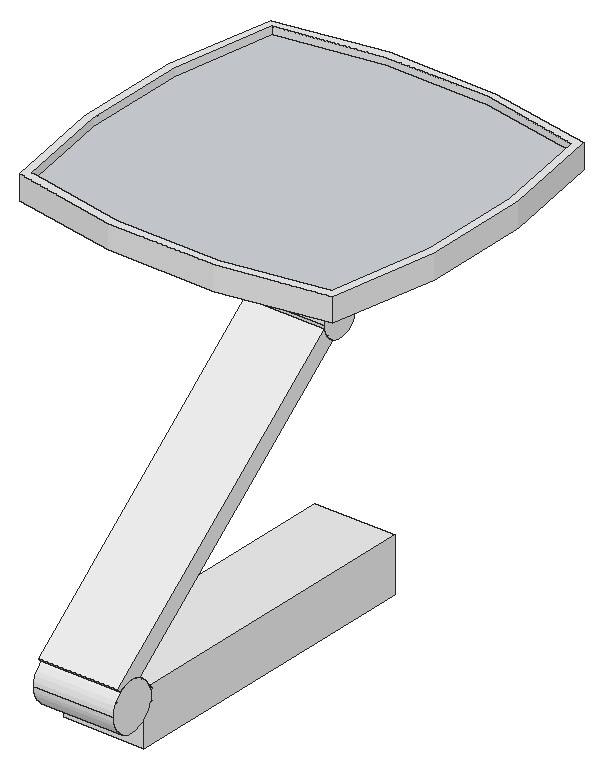
Revit family "KEUCO_17612019004", category Allgemeines Modell, Revit 2016
Family settings
  Teiletyp = Normal
  Kann Basisbauteil für Bewehrung sein = Nein
  Bemaßung runder Anschluss = Durchmesser verwenden
  Arbeitsebenenbasiert = Ja
  Immer vertikal = Nein
  Beim Laden mit Abzugskörper schneiden = Nein
  Gemeinsam genutzt = Nein
  Raumberechnungspunkt = Nein
Parameters (values of type "17613019004")
  Verwendung = "GWC / WP"  # constant formula
  URL = "https://www.keuco.com/de/produkte/sortiment/artikel/?pid=17649&oid=1&pgo=1&country=de&lang=de&vid=17649170000"
  Rundspiegel = not(Rechtspiegel)  # no
  Rechtspiegel = yes
  Preisgruppe = ""
  Material Spiegel = Spiegel
  Default Elevation = 1219.2 mm
  Serie = "Plan"  # constant formula
  Material Rahmen = Verchromt
  Materialien bei Hersteller anfragen = "Anfrage zu:  objektmanagement@keuco.de"
  Kategorie = "ACC"  # constant formula
  Hersteller = "KEUCO"  # constant formula
  Gewicht = 1300
  Beschreibung = "beleuchtet, 1 Lichtfarbe 6500 Kelvin (Tageslicht),\r\nBedienung über Wippschalter,\r\nan dreidimensional verstellbarem Schwenkarm,\r\nSpiegel einseitig, Vergrößerungsfaktor x 5\r\n\r\nBedienung:\r\nmit integriertem Wippschalter\r\n\r\nStromversorgung:\r\n12 V Netzteil im Wandarm integriert,\r\nEingangsbereich 220 - 240 V\r\n\r\nBeleuchtung:\r\nLED 7 Watt (Lebensdauer > 50.000 Stunden)\r\nLeuchtmittel nicht austauschbar\r\nEEK: A, 8 kWh/1000h"
  Assembly Code = ""
  Ausschreibungstext = "KEUCO iLook_move Kosmetikspiegel, 17613019004\r\nhochwertiger Kosmetikspiegel, hochglanzverchromt, beleuchtet,\r\nquadratisch, mit elegant gewölbten Kanten, \r\nan Schwenkarm aus einem stabilen, \r\nrechteckigen Metallprofil mit verdeckten Hochleistungsscharnieren,\r\nflächige Wandmontage mit 4 Befestigungspunkten \r\nzur optimalen Lastverteilung,\r\ndreidimensional verstellbar, Spiegel einseitig konkav, \r\nVergrößerungsfaktor x 5,\r\n12V Netzteil und Wipp-Schalter im Wandteil integriert \r\nEingangsbereich 220-240V,\r\nVerkabelung im Schwenkarm integriert,\r\nBeleuchtung: 7 Watt LED (wartungsfrei), \r\nVerbrauch im Standby: 0 Watt,\r\n1 Lichtfarbe: 6500 Kelvin (Tageslicht),\r\nHöhe der Wandbefestigung  ca. 200 mm, Breite ca. 45 mm,\r\nmaximale Höhe ca. 500 mm,\r\nAußenmaße: 200 x 200 mm, maximale Ausladung ca. 300 mm,\r\nder Kosmetikspiegel wird verdeckt angebracht,\r\nLieferung inkl. korrosionsfreiem Befestigungsmaterial"
  Artikelnummer = "17613019004"
Types (3, lengths in mm): name | URL | Rundspiegel | Rechtspiegel | Material Spiegel | Materialien bei Hersteller anfragen | Gewicht | Beschreibung | Ausschreibungstext | Artikelnummer
  (no name) | "https://www.keuco.com/de/produkte/sortiment/artikel/?pid=17649&oid=1&pgo=1&country=de&lang=de&vid=17649170000" | no | yes | Spiegel | "Anfrage zu:  objektmanagement@keuco.de" | 1300 | "beleuchtet, 1 Lichtfarbe 6500 Kelvin (Tageslicht),\r\nBedienung über Wippschalter,\r\nan dreidimensional verstellbarem Schwenkarm,\r\nSpiegel einseitig, Vergrößerungsfaktor x 5\r\n\r\nBedienung:\r\nmit integriertem Wippschalter\r\n\r\nStromversorgung:\r\n12 V Netzteil im Wandarm integriert,\r\nEingangsbereich 220 - 240 V\r\n\r\nBeleuchtung:\r\nLED 7 Watt (Lebensdauer > 50.000 Stunden)\r\nLeuchtmittel nicht austauschbar\r\nEEK: A, 8 kWh/1000h" | "KEUCO iLook_move Kosmetikspiegel, 17613019004\r\nhochwertiger Kosmetikspiegel, hochglanzverchromt, beleuchtet,\r\nquadratisch, mit elegant gewölbten Kanten, \r\nan Schwenkarm aus einem stabilen, \r\nrechteckigen Metallprofil mit verdeckten Hochleistungsscharnieren,\r\nflächige Wandmontage mit 4 Befestigungspunkten \r\nzur optimalen Lastverteilung,\r\ndreidimensional verstellbar, Spiegel einseitig konkav, \r\nVergrößerungsfaktor x 5,\r\n12V Netzteil und Wipp-Schalter im Wandteil integriert \r\nEingangsbereich 220-240V,\r\nVerkabelung im Schwenkarm integriert,\r\nBeleuchtung: 7 Watt LED (wartungsfrei), \r\nVerbrauch im Standby: 0 Watt,\r\n1 Lichtfarbe: 6500 Kelvin (Tageslicht),\r\nHöhe der Wandbefestigung  ca. 200 mm, Breite ca. 45 mm,\r\nmaximale Höhe ca. 500 mm,\r\nAußenmaße: 200 x 200 mm, maximale Ausladung ca. 300 mm,\r\nder Kosmetikspiegel wird verdeckt angebracht,\r\nLieferung inkl. korrosionsfreiem Befestigungsmaterial" | "17613019004"
  17612019004 | "https://www.keuco.com/de/produkte/sortiment/artikel/?pid=17612&oid=11&pgo=1&country=de&lang=de&vid=17612019004" | yes | no | Mirror | "Request to:  objektmanagement@keuco.de" | 1200 | "beleuchtet, 1 Lichtfarbe 6500 Kelvin (Tageslicht),\r\nBedienung über Wippschalter,\r\nan dreidimensional verstellbarem Schwenkarm,\r\nSpiegel einseitig, Vergrößerungsfaktor x 5\r\n\r\nBedienung:\r\nmit integriertem Wippschalter\r\n\r\nStromversorgung:\r\n12 V Netzteil im Wandarm integriert,\r\nEingangsbereich 220 - 240 V\r\n\r\nBeleuchtung:\r\nLED 4,5 Watt (Lebensdauer > 50.000 Stunden)\r\nLeuchtmittel nicht austauschbar\r\nEEK: A, 5 kWh/1000h" | "KEUCO iLook_move Kosmetikspiegel, 17612019004 \r\nhochwertiger Kosmetikspiegel, rund,\r\nhochglanzverchromt, beleuchtet,\r\nan Schwenkarm aus einem stabilen,\r\nrechteckigen Metallprofil mit verdeckten Hochleistungsscharnieren,\r\nflächige Wandmontage mit 4 Befestigungspunkten\r\nzur optimalen Lastverteilung,\r\ndreidimensional verstellbar, Spiegel einseitig konkav,\r\nVergrößerungsfaktor x 5,\r\n12V Netzteil und Wipp-Schalter im Wandteil integriert,\r\nEingangsbereich 220-240 V,\r\nVerkabelung im Schwenkarm integriert,\r\nBeleuchtung: 1 x 4,5 Watt LED (wartungsfrei),\r\nVerbrauch im Standby: 0 Watt,\r\nBedienung ausschließlich über Raumlichtschalter,\r\nnicht im Lieferumfang enthalten,\r\n1 Lichtfarbe: 6500 Kelvin (Tageslicht),\r\nHöhe der Wandbefestigung ca. 200 mm Breite ca. 45 mm,\r\nmaximale Höhe ca. 500 mm,\r\nAußendurchmesser 212 mm, maximale Ausladung ca. 313 mm,\r\nder Kosmetikspiegel wird verdeckt angebracht,\r\nLieferung inkl. korrosionsfreiem Befestigungsmaterial" | "17612019004"
  17613019004 | "https://www.keuco.com/de/produkte/sortiment/artikel/?pid=17649&oid=1&pgo=1&country=de&lang=de&vid=17649170000" | no | yes | Spiegel | "Anfrage zu:  objektmanagement@keuco.de" | 1300 | "beleuchtet, 1 Lichtfarbe 6500 Kelvin (Tageslicht),\r\nBedienung über Wippschalter,\r\nan dreidimensional verstellbarem Schwenkarm,\r\nSpiegel einseitig, Vergrößerungsfaktor x 5\r\n\r\nBedienung:\r\nmit integriertem Wippschalter\r\n\r\nStromversorgung:\r\n12 V Netzteil im Wandarm integriert,\r\nEingangsbereich 220 - 240 V\r\n\r\nBeleuchtung:\r\nLED 7 Watt (Lebensdauer > 50.000 Stunden)\r\nLeuchtmittel nicht austauschbar\r\nEEK: A, 8 kWh/1000h" | "KEUCO iLook_move Kosmetikspiegel, 17613019004\r\nhochwertiger Kosmetikspiegel, hochglanzverchromt, beleuchtet,\r\nquadratisch, mit elegant gewölbten Kanten, \r\nan Schwenkarm aus einem stabilen, \r\nrechteckigen Metallprofil mit verdeckten Hochleistungsscharnieren,\r\nflächige Wandmontage mit 4 Befestigungspunkten \r\nzur optimalen Lastverteilung,\r\ndreidimensional verstellbar, Spiegel einseitig konkav, \r\nVergrößerungsfaktor x 5,\r\n12V Netzteil und Wipp-Schalter im Wandteil integriert \r\nEingangsbereich 220-240V,\r\nVerkabelung im Schwenkarm integriert,\r\nBeleuchtung: 7 Watt LED (wartungsfrei), \r\nVerbrauch im Standby: 0 Watt,\r\n1 Lichtfarbe: 6500 Kelvin (Tageslicht),\r\nHöhe der Wandbefestigung  ca. 200 mm, Breite ca. 45 mm,\r\nmaximale Höhe ca. 500 mm,\r\nAußenmaße: 200 x 200 mm, maximale Ausladung ca. 300 mm,\r\nder Kosmetikspiegel wird verdeckt angebracht,\r\nLieferung inkl. korrosionsfreiem Befestigungsmaterial" | "17613019004"
Reference planes
  plane 1 "Center (Front/Back)": y = 0
  plane 2: z = 0
  plane 3 "Center (Left/Right)": x = 0
  plane 4: z = 245
  plane 5: y = 18.623
Forms (mm)
  Extrusion 1, solid, material "Verchromt" <- "Material Rahmen", visible <- "Rundspiegel"
    sketch origin (0, 43.75, 39.029) x (0, 1, 0) y (-1, 0, 0)
      loop
        circle (-25.078, 0) r 106
      loop
        circle (-25.078, 0) r 100
    from 176.466 to 190.441
  Revolve 2, solid, material "Spiegel" <- "Material Spiegel", visible <- "Rundspiegel"
    sketch origin (0, 18.623, 1177.5) x (-1, 0, 0) y (0, 0, 1)
      loop
        line (-100.001, -959.818) -> (0, -959.818) -> (0, -957.005)
        arc (0, -957.005) -> (-50.138, -955.47) -> (-100.001, -949.999) r 637.574
        line (-100.001, -949.999) -> (-100.001, -959.818)
      axis (0, -949.999) -> (0, -959.818)
    angle from 0 to 360
  Extrusion 3, solid, material "Verchromt" <- "Material Rahmen"
    sketch origin (0, 0, -0.156) x (0, 1, 0) y (0, 0, 1)
      loop
        circle (17.509, 157.627) r 10.827
    from -22.462 to 22.462
  Extrusion 4, solid, material "Verchromt" <- "Material Rahmen"
    sketch origin (0, 102.888, 24.113) x (0, 0.7763, 0.630364) y (0, -0.630364, 0.7763)
      loop
        arc (21.432, 167.664) -> (25.13, 165.316) -> (27.697, 161.768) r 11.631
        line (27.697, 161.768) -> (58.383, 199.661) -> (51.715, 205.061) -> (21.432, 167.664)
    from -22.462 to 22.462
  Extrusion 5, solid, material "Verchromt" <- "Material Rahmen", visible <- "Rechtspiegel"
    sketch origin (12.5, -9.037, 215.495) x (0, 1, 0) y (-1, 0, 0)
      loop
        arc (116.078, 100.968) -> (27.69, 112.579) -> (-60.698, 100.968) r 342.214
        arc (-60.698, 100.968) -> (-72.31, 12.579) -> (-60.698, -75.809) r 342.214
        arc (-60.698, -75.809) -> (27.69, -87.421) -> (116.078, -75.809) r 342.214
        arc (116.078, -75.809) -> (127.69, 12.579) -> (116.078, 100.968) r 342.214
      loop
        arc (112.543, 97.432) -> (27.69, 108.441) -> (-57.163, 97.432) r 332.515
        arc (-57.163, 97.432) -> (-68.172, 12.579) -> (-57.163, -72.273) r 332.515
        arc (-57.163, -72.273) -> (27.69, -83.282) -> (112.543, -72.273) r 332.515
        arc (112.543, -72.273) -> (123.552, 12.579) -> (112.543, 97.432) r 332.515
    from 0 to 13.557
  Extrusion 6, solid, material "Verchromt" <- "Material Rahmen", visible <- "Rechtspiegel"
    sketch origin (12.5, -9.037, 215.495) x (0, 1, 0) y (-1, 0, 0)
      loop
        arc (112.543, 97.432) -> (27.69, 108.441) -> (-57.163, 97.432) r 332.515
        arc (-57.163, 97.432) -> (-68.172, 12.579) -> (-57.163, -72.273) r 332.515
        arc (-57.163, -72.273) -> (27.69, -83.282) -> (112.543, -72.273) r 332.515
        arc (112.543, -72.273) -> (123.552, 12.579) -> (112.543, 97.432) r 332.515
    from 0 to 6.251
  Extrusion 7, solid, visible <- "Rechtspiegel"
    sketch origin (12.5, -9.037, 215.495) x (0, 1, 0) y (-1, 0, 0)
      loop
        arc (112.543, 97.432) -> (27.69, 108.441) -> (-57.163, 97.432) r 332.515
        arc (-57.163, 97.432) -> (-68.172, 12.579) -> (-57.163, -72.273) r 332.515
        arc (-57.163, -72.273) -> (27.69, -83.282) -> (112.543, -72.273) r 332.515
        arc (112.543, -72.273) -> (123.552, 12.579) -> (112.543, 97.432) r 332.515
    from 6.251 to 9.48
  Extrusion 8, solid, material "Verchromt" <- "Material Rahmen", visible <- "Rundspiegel"
    sketch origin (0, 0, 61.529) x (0, 1, 0) y (-1, 0, 0)
      loop
        circle (18.672, 0) r 100
    from 153.966 to 156.005
  Extrusion 9, solid, material "Verchromt" <- "Material Rahmen"
    sketch origin (0, -113.675, 0) x (0, -1, 0) y (0, 0, -1)
      loop
        line (-169.629, 0) -> (-169.629, -30) -> (2.767, -30)
        arc (2.767, -30) -> (2.384, -21.017) -> (7.702, -13.767) r 13.568
        line (7.702, -13.767) -> (7.702, 0) -> (-169.629, 0)
    from -22.462 to 22.462
  Extrusion 10, solid, material "Verchromt" <- "Material Rahmen"
    sketch origin (0, -113.717, 0.662) x (0, -1, 0) y (0, 0, -1)
      loop
        circle (15.586, -23.973) r 13.222
    from -22.462 to 22.462
  Extrusion 11, solid, material "Verchromt" <- "Material Rahmen"
    sketch origin (0, 15.948, 110.693) x (0, -0.777146, -0.62932) y (0, 0.62932, -0.777146)
      loop
        arc (166.65, -38.288) -> (159.648, -36.282) -> (154.771, -30.873) r 13.222
        line (154.771, -30.873) -> (-20.687, -30.873)
        arc (-20.687, -30.873) -> (-19.633, -35.933) -> (-21.152, -40.873) r 10.371
        line (-21.152, -40.873) -> (166.65, -40.873) -> (166.65, -38.288)
    from -22.462 to 22.462
Dimensions and locks
  plane 4 to level = 245 mm
  Extrusion 11 to Extrusion 11 = 44.924 mm
  aligned and locked: level to plane 2
  aligned and locked: Extrusion 9 to Extrusion 10
  aligned and locked: Extrusion 9 to Extrusion 11
  aligned and locked: Extrusion 11 to Extrusion 9
  aligned and locked: Extrusion 10 to Extrusion 9
